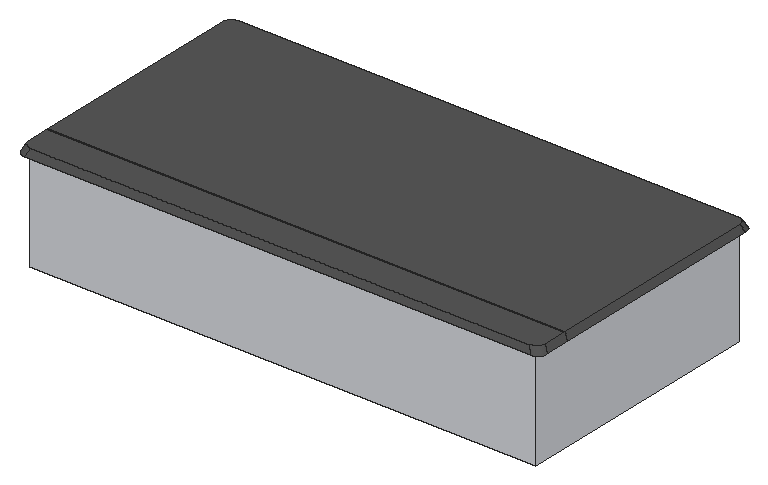
Revit family "Electrical-Box_FSR_PWB250", category Generic Models, host Face, Revit 2026
Family settings
  Host = Face
  Can host rebar = No
  Round Connector Dimension = Use Diameter
  Part Type = Normal
  Classification Number = 23.80.50.00
  Cut with Voids When Loaded = No
  Maintain Annotation Orientation = No
  Shared = No
  Room Calculation Point = No
Parameters (values of type "3in Deep Box Black")
  Warranty Duration (Years) = 0
  Unit Width = 1' - 2 3/4"
  Unit Height = 0' - 7 1/2"
  Unit Depth = 0' - 2 7/8"
  URL = "http://fsrinc.com/"
  Type Comments = ""
  Test Data = "ftp://doclib.fsrinc.com/"
  Standards Conformance = "UL  ;  CSA C22.2"
  Specification = "http://www.arcat.com/sdspecs/htm04/26_27_26fsr.htm"
  SpecWizard = ""
  Send Message = ""
  Sales Information = "http://fsrinc.com/find-local-sales-contacts"
  Revision = "R1_2016-06"
  Product Properties = ""
  Product Data = "http://www.arcat.com/arcatcos/cos40/arc40389.html"
  Mounting Height [instance] = 3' - 5.5642"
  Model = "PWB-253-BLK"
  Manufacturer Website = "http://fsrinc.com/"
  Manufacturer Phone - Toll Free = "800-332-3771"
  Manufacturer Phone = "973-785-4347"
  Manufacturer Fax = "973-785-4207"
  Manufacturer Address = "244 Bergen Blvd.  Woodland Park, NJ   07424"
  Manufacturer = "FSR, Inc"
  Maintenance Schedule (Months) = 0
  Keynote = "26 27 26"
  Installation-Fabrication = "ftp://doclib.fsrinc.com/"
  Installation Phase = ""
  Green Building-LEED = "http://www.arcat.com/green/clients/leed_data_40389.html"
  Expected Lifespan (Years) = 0
  Drawn By = "Sumex Design, Inc. / Robert S. Weygant, CSI, CDT, SCIP"  # constant formula
  Description = "FSR Video Display Wall Box - PWB-253-BLK as Specified"
  Default Elevation = 0' - 0"  # constant formula
  Cover with Cable Opening [instance] = yes
  Cover for Abandonment [instance] = not(Cover with Cable Opening)  # no
  Cover Finish = Metal - Aluminum - Painted Black
  Cost = 0
  Copyright = "©Arcat Inc."  # constant formula
  Construction Details = "http://www.arcat.com/details/fsrinc/fsrinc.html?coid=40389"
  Connections [instance] = "as Specified"
  Building Codes = ""
  Available Options [instance] = "as Specified"
  Assembly Code = "D5020100"
Types (4): name | Unit Depth | Model | Description | Cover Finish
  3in Deep Box Black | 0' - 2 7/8" | "PWB-253-BLK" | "FSR Video Display Wall Box - PWB-253-BLK as Specified" | Metal - Aluminum - Painted Black
  3in Deep Box White | 0' - 2 7/8" | "PWB-253-WHT" | "FSR Video Display Wall Box - PWB-253-WHT as Specified" | Metal - Aluminum - Painted White
  4in Deep Box Black | 0' - 4" | "PWB-250-BLK" | "FSR Video Display Wall Box - PWB-250-BLK as Specified" | Metal - Aluminum - Painted Black
  4in Deep Box White | 0' - 4" | "PWB-250-WHT" | "FSR Video Display Wall Box - PWB-250-WHT as Specified" | Metal - Aluminum - Painted White
Reference planes (in)
  plane 1 "Center (Front/Back)": y = 0
  plane 2: z = 0
  plane 3 "Center (Left/Right)": x = 0
  plane 4: y = 3.75
  plane 5: y = -3.75
  plane 6: x = -7.375
  plane 7: x = 7.375
  plane 8: z = -2.875
  plane 9 "FF": y = -41.5642
Forms (in)
  Extrusion 1, solid
    sketch origin (-15.74773, -180, -2.875) x (-1, 0, 0) y (0, -1, 0)
      loop
        line (-8.62273, -183.5625) -> (-8.62273, -176.4375) -> (-22.87273, -176.4375) -> (-22.87273, -183.5625) -> (-8.62273, -183.5625)
    from 0 to 2.875 <- "Unit Depth"
  Extrusion 2, void
    sketch origin (0, 0, 0) x (1, 0, 0) y (0, 1, 0)
      loop
        line (-7.25, 3.625) -> (-7.25, -3.625) -> (7.25, -3.625) -> (7.25, 3.625) -> (-7.25, 3.625)
    from -2.875 to 12
  Blend 3, solid, material "Metal - Aluminum - Painted Black" <- "Cover Finish", visible <- "Cover with Cable Opening"
    base sketch origin (0, 0, 0) x (1, 0, 0) y (0, 1, 0)
      loop
        arc (-7.125, 3.75) -> (-7.30178, 3.67678) -> (-7.375, 3.5) r 0.25
        line (-7.375, 3.5) -> (-7.375, -2.75) -> (7.375, -2.75) -> (7.375, 3.5)
        arc (7.375, 3.5) -> (7.30178, 3.67678) -> (7.125, 3.75) r 0.25
        line (7.125, 3.75) -> (-7.125, 3.75)
    top sketch origin (0, 0, 0) x (1, 0, 0) y (0, 1, 0)
      loop
        line (-7.28125, 3.40625) -> (-7.28125, -2.75) -> (7.28125, -2.75) -> (7.28125, 3.40625)
        arc (7.28125, 3.40625) -> (7.20803, 3.58303) -> (7.03125, 3.65625) r 0.25
        line (7.03125, 3.65625) -> (-7.03125, 3.65625)
        arc (-7.03125, 3.65625) -> (-7.20803, 3.58303) -> (-7.28125, 3.40625) r 0.25
    from 0 to 0.1875
  Blend 4, solid, material "Metal - Aluminum - Painted Black" <- "Cover Finish", visible <- "Cover with Cable Opening"
    base sketch origin (0, 0, 0) x (1, 0, 0) y (0, 1, 0)
      loop
        line (-7.375, -2.75) -> (-7.375, -3.5)
        arc (-7.375, -3.5) -> (-7.30178, -3.67678) -> (-7.125, -3.75) r 0.25
        line (-7.125, -3.75) -> (7.125, -3.75)
        arc (7.125, -3.75) -> (7.30178, -3.67678) -> (7.375, -3.5) r 0.25
        line (7.375, -3.5) -> (7.375, -2.75) -> (-7.375, -2.75)
    top sketch origin (0, 0, 0) x (1, 0, 0) y (0, 1, 0)
      loop
        line (-7.28125, -2.75) -> (-7.28125, -3.40625)
        arc (-7.28125, -3.40625) -> (-7.20803, -3.58303) -> (-7.03125, -3.65625) r 0.25
        line (-7.03125, -3.65625) -> (7.03125, -3.65625)
        arc (7.03125, -3.65625) -> (7.20803, -3.58303) -> (7.28125, -3.40625) r 0.25
        line (7.28125, -3.40625) -> (7.28125, -2.75) -> (-7.28125, -2.75)
    from 0 to 0.1875
  Blend 5, solid, material "Metal - Aluminum - Painted Black" <- "Cover Finish", visible <- "Cover for Abandonment"
    base sketch origin (0, 0, 0) x (1, 0, 0) y (0, 1, 0)
      loop
        arc (-7.125, 3.75) -> (-7.30178, 3.67678) -> (-7.375, 3.5) r 0.25
        line (-7.375, 3.5) -> (-7.375, -3.5)
        arc (-7.375, -3.5) -> (-7.30178, -3.67678) -> (-7.125, -3.75) r 0.25
        line (-7.125, -3.75) -> (7.125, -3.75)
        arc (7.125, -3.75) -> (7.30178, -3.67678) -> (7.375, -3.5) r 0.25
        line (7.375, -3.5) -> (7.375, 3.5)
        arc (7.375, 3.5) -> (7.30178, 3.67678) -> (7.125, 3.75) r 0.25
        line (7.125, 3.75) -> (-7.125, 3.75)
    top sketch origin (0, 0, 0) x (1, 0, 0) y (0, 1, 0)
      loop
        line (-7.28125, 3.40625) -> (-7.28125, -3.40625)
        arc (-7.28125, -3.40625) -> (-7.20803, -3.58303) -> (-7.03125, -3.65625) r 0.25
        line (-7.03125, -3.65625) -> (7.03125, -3.65625)
        arc (7.03125, -3.65625) -> (7.20803, -3.58303) -> (7.28125, -3.40625) r 0.25
        line (7.28125, -3.40625) -> (7.28125, 3.40625)
        arc (7.28125, 3.40625) -> (7.20803, 3.58303) -> (7.03125, 3.65625) r 0.25
        line (7.03125, 3.65625) -> (-7.03125, 3.65625)
        arc (-7.03125, 3.65625) -> (-7.20803, 3.58303) -> (-7.28125, 3.40625) r 0.25
    from 0 to 0.1875
Lines and regions (in)
  model lines, visible <- "Cover with Cable Opening"
    curve 1: line (-3.5, -2.75, 0.1875) -> (-3.5, -2, 0.1875)
    curve 2: line (-3.25, -1.75, 0.1875) -> (3.25, -1.75, 0.1875)
    curve 3: line (3.5, -2, 0.1875) -> (3.5, -2.75, 0.1875)
    curve 4: arc (-3.25, -1.75, 0.1875) -> (-3.42678, -1.82322, 0.1875) -> (-3.5, -2, 0.1875) r 0.25
    curve 5: arc (3.25, -1.75, 0.1875) -> (3.42678, -1.82322, 0.1875) -> (3.5, -2, 0.1875) r 0.25
Dimensions and locks (in)
  "Unit Depth": level to plane 8
  equal spacing: plane 4, plane 1 "Center (Front/Back)", plane 5
  "Unit Height": plane 4 to plane 5
  equal spacing: plane 6, plane 3 "Center (Left/Right)", plane 7
  "Unit Width": plane 6 to plane 7
  "Mounting Height": plane 1 "Center (Front/Back)" to plane 9 "FF"
  aligned and locked: plane 2 to host face
  aligned and locked: level to host face
  aligned and locked: Extrusion 2 to plane 8
Automatic sketch dimensions
  host sketch curve to host sketch curve = 8' - 0"  (x2)
  Extrusion 1 sketch curve to plane 7 = 0' - 0 1/4"
  plane 6 to Extrusion 1 sketch curve = 0' - 0 1/4"
  Extrusion 1 sketch curve to plane 4 = 0' - 0 3/16"
  plane 5 to Extrusion 1 sketch curve = 0' - 0 3/16"
  plane 6 to Extrusion 2 sketch curve = 0' - 0 1/8"
  Extrusion 2 sketch curve to plane 7 = 0' - 0 1/8"
  plane 5 to Extrusion 2 sketch curve = 0' - 0 1/8"
  Extrusion 2 sketch curve to plane 4 = 0' - 0 1/8"
  Blend 3 sketch curve to plane 6 = 0' - 0"
  Blend 3 sketch curve to plane 4 = 0' - 0"
  Blend 3 sketch curve to plane 7 = 0' - 0"
  Blend 3 sketch curve to plane 4 = 0' - 0 1/4"
  Blend 3 sketch curve to plane 7 = 0' - 0 1/4"
  plane 5 to Blend 3 sketch curve = 0' - 1"  (x2)
  plane 6 to Blend 3 sketch curve = 0' - 0 3/32"
  Blend 3 sketch curve to plane 4 = 0' - 0 3/32"
  plane 6 to Blend 3 sketch curve = 0' - 0 11/32"
  Blend 3 sketch curve to plane 7 = 0' - 0 11/32"
  Blend 3 sketch curve to plane 7 = 0' - 0 3/32"
  Blend 3 to curve 1 = 0' - 0"
  Blend 3 to curve 3 = 0' - 0"
  curve 1 to Blend 3 = 0' - 0 3/4"
  curve 1 to Blend 3 = 0' - 3 25/32"
  curve 4 to curve 2 = 0' - 0 1/4"
  curve 5 to Blend 3 = 0' - 0 3/4"
  curve 5 to Blend 3 = 0' - 4 1/32"
  Blend 4 sketch curve to plane 6 = 0' - 0"
  Blend 4 sketch curve to plane 5 = 0' - 0"
  Blend 4 sketch curve to plane 7 = 0' - 0"
  plane 6 to Blend 4 sketch curve = 0' - 0 1/4"
  Blend 4 sketch curve to Blend 4 sketch curve = 0' - 0 1/4"  (x2)
  Blend 4 sketch curve to Blend 4 sketch curve = 0' - 0 3/4"
  plane 6 to Blend 4 sketch curve = 0' - 0 3/32"
  Blend 4 sketch curve to plane 7 = 0' - 0 11/32"
  Blend 4 sketch curve to plane 7 = 0' - 0 3/32"
  plane 5 to Blend 4 sketch curve = 0' - 0 3/32"
  Blend 4 sketch curve to Blend 4 sketch curve = 0' - 0 21/32"
  Blend 5 sketch curve to plane 6 = 0' - 0"
  Blend 5 sketch curve to plane 5 = 0' - 0"
  Blend 5 sketch curve to plane 4 = 0' - 0"
  Blend 5 sketch curve to plane 7 = 0' - 0"
  plane 6 to Blend 5 sketch curve = 0' - 0 1/4"  (x2)
  Blend 5 sketch curve to plane 7 = 0' - 0 1/4"
  Blend 5 sketch curve to plane 4 = 0' - 0 1/4"
  plane 6 to Blend 5 sketch curve = 0' - 0 3/32"
  plane 5 to Blend 5 sketch curve = 0' - 0 3/32"
  plane 6 to Blend 5 sketch curve = 0' - 0 11/32"  (x2)
  Blend 5 sketch curve to plane 4 = 0' - 0 3/32"
  Blend 5 sketch curve to plane 7 = 0' - 0 11/32"  (x2)
  Blend 5 sketch curve to plane 7 = 0' - 0 3/32"
